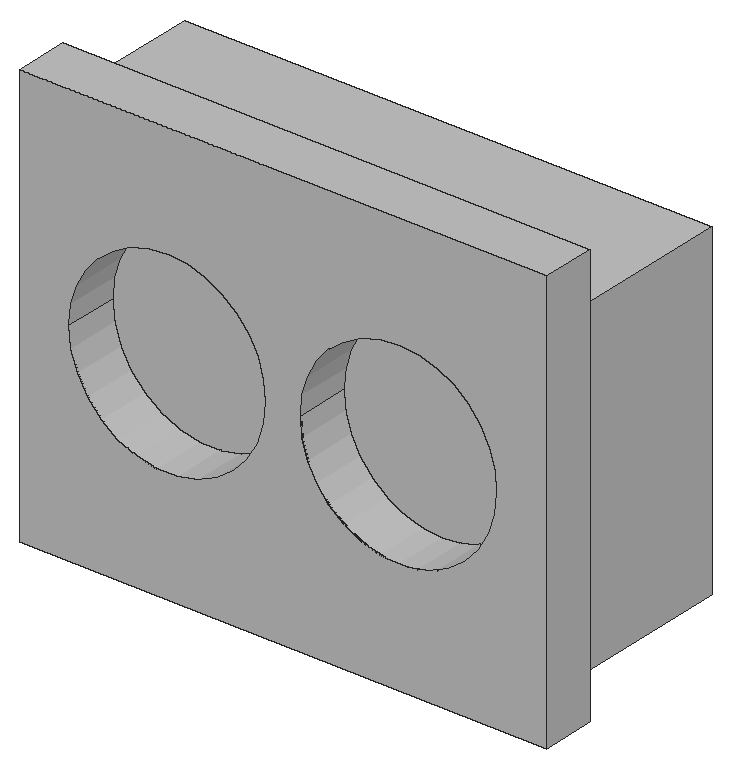
Revit family "Power Outlet", category Electrical Fixtures, Revit 2015
Reference planes
  plane 1 "Center (Front/Back)": y = 0
  plane 2: z = 0
  plane 3 "Center (Left/Right)": x = 0
Forms (mm)
  Extrusion 1, solid
    sketch origin (0, 0, 0) x (1, 0, 0) y (0, 0, 1)
      loop
        line (0, 0) -> (107, 0) -> (107, 86) -> (0, 86) -> (0, 0)
    from 0 to 11
  Extrusion 2, solid
    sketch origin (0, 0, -23.504) x (1, 0, 0) y (0, 0, 1)
      loop
        line (0, 33.007) -> (107, 33.007) -> (107, 100) -> (0, 100) -> (0, 33.007)
    from 0 to -31
  Extrusion 3, void
    sketch origin (0, 0, 0) x (1, 0, 0) y (0, 0, 1)
      loop
        circle (30, 43) r 20
    from 0 to 18.121
  Extrusion 4, void
    sketch origin (107, 0, 0) x (-1, 0, 0) y (0, 0, -1)
      loop
        circle (30, -43) r 20
    from 0 to 18.121
Cuts and joins
  Extrusion 3, Extrusion 4 cuts Extrusion 1
  Extrusion 3, Extrusion 4 cuts Extrusion 2
Dimensions and locks
  aligned and locked: level to plane 2
